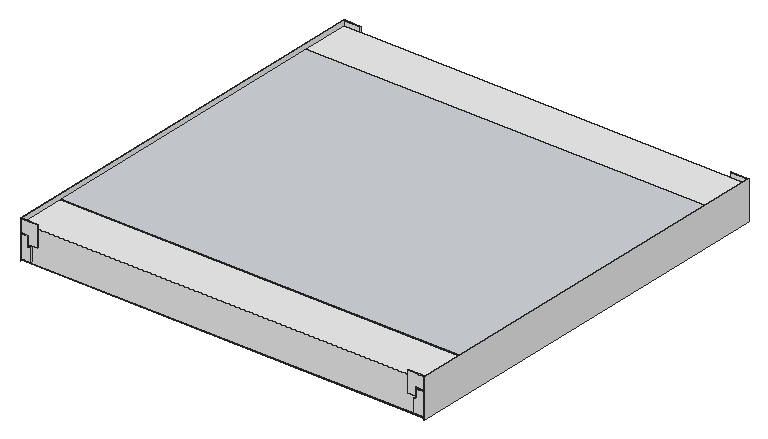
Revit family "AZURE 3D", category Lighting Fixtures, host Ceiling, Revit 2023
Family settings
  Host = Ceiling
  Round Connector Dimension = Use Diameter
  Part Type = Normal
  OmniClass Number = 23.80.70.11.14.17
  OmniClass Title = Direct/Indirect
  Always vertical = Yes
  Cut with Voids When Loaded = No
  Light Source = Yes
  Maintain Annotation Orientation = No
  Shared = No
  Room Calculation Point = No
Parameters (values of type "AZR 3D 2X2-LED840K050LUNV-xxx")
  Width = 1' - 11 3/4"
  Wattage = 36.8213 W
  built-in parameter 1150110 = 1 (stored number, unit not read)
  Voltage = 120 V  # constant formula
  URL = "https://viscor.com/products/azr 3d"
  built-in parameter 1114217 = 0.9 (stored number, unit not read)
  Tilt Angle = 90.00°
  built-in parameter 1150109 = 1 (stored number, unit not read)
  built-in parameter 1150134 = 12
  built-in parameter 1150113 = 1 (stored number, unit not read)
  Photometric Web File = "AZR 3D 2x2-LED-840K050LUNV.IES"
  Model = "AZURE 3D"  # constant formula
  Manufacturer = "VISIONEERING by VISCOR"  # constant formula
  Lumens = 1524.4 lm
  built-in parameter 1150115 = 1 (stored number, unit not read)
  built-in parameter 1150105 = 121.31 (stored number, unit not read)
  built-in parameter 1150137 = (empty or 0)
  built-in parameter 1150139 = (empty or 0)
  Lens Finish = Polycarbonate - Viscor - Frosted Round
  Length = 1' - 11 3/4"
  Lamp Wattage = 36.77 VA
  built-in parameter 1150112 = 1 (stored number, unit not read)
  built-in parameter 1150114 = 1 (stored number, unit not read)
  Lamp = "LED"  # constant formula
  built-in parameter 1150132 = (empty or 0)
  built-in parameter 1150102 = (empty or 0)
  built-in parameter 1150138 = (empty or 0)
  built-in parameter 1150107 = 4000 (stored number, unit not read)
  built-in parameter 1150106 = 1.2131 (stored number, unit not read)
  Housing Finish = Metal - Viscor - White
  Height = 0' - 2"
  Emit from Rectangle Width = Width  # 1' - 11 3/4"
  Emit from Rectangle Length = Length  # 1' - 11 3/4"
  Emit Shape Visible in Rendering = no
  built-in parameter 1150104 = 3.8462 (stored number, unit not read)
  Dimming Lamp Color Temperature Shift = <None>
  Description = "LED Configurable Lay-in Backlit Panel Luminaire"  # constant formula
  Default Elevation = 0' - 0"
  Color Filter = 16777215
  built-in parameter 1114218 = 1 (stored number, unit not read)
  built-in parameter 1150133 = 10 (stored number, unit not read)
  Assembly Code = "D5020200"
  Apparent Load = Lamp Wattage  # 36.77 VA
Reference planes (in)
  plane 1 "Light Source Axis (F/B)": y = 0
  plane 2 "Ceiling": z = 96
  plane 3 "Light Source Axis (L/R)": x = 0
  plane 4 "Light Source Elevation": z = 96
  plane 5: y = 11.875
  plane 6: y = -11.875
  plane 7: x = -11.875
  plane 8: x = 11.875
  plane 9: x = -11.84375
  plane 10: x = 11.84375
  plane 11: x = -11.49875
  plane 12: x = 11.53
  plane 13: y = 11.53
  plane 14: y = -11.53
Forms (in)
  Extrusion 1, void
    sketch origin (0, 0, 94) x (0, 1, 0) y (-1, 0, 0)
      loop
        line (-11.53, 11.49875) -> (-11.53, -11.53) -> (11.53, -11.53) -> (11.53, 11.49875) -> (-11.53, 11.49875)
    from 1.85089 to 2.069
  Extrusion 2, solid, material "Metal - Viscor - White" <- "Housing Finish"
    sketch origin (0, 0, 0) x (0, 1, 0) y (0, 0, 1)
      loop
        line (11.811, 96.069) -> (11.811, 98.01) -> (-11.811, 98.01) -> (-11.811, 96.06846)
        arc (-11.811, 96.06846) -> (-11.79048, 96.02031) -> (-11.74223, 96) r 0.06972
        line (-11.74223, 96) -> (11.742, 96)
        arc (11.742, 96) -> (11.79079, 96.02021) -> (11.811, 96.069) r 0.069
    from -11.84375 to 11.84375
  Extrusion 3, solid, material "Metal - Viscor - White" <- "Housing Finish"
    sketch origin (0, 0, 0) x (1, 0, 0) y (0, 0, 1)
      loop
        line (-11.875, 98.25) -> (-11.875, 96) -> (-11.84375, 96) -> (-11.84375, 98.25) -> (-11.875, 98.25)
    from -11.875 to 11.875
  Extrusion 4, solid, material "Metal - Viscor - White" <- "Housing Finish"
    sketch origin (0, 0, 0) x (-1, 0, 0) y (0, 0, -1)
      loop
        line (-11.875, -98.25) -> (-11.84375, -98.25) -> (-11.84375, -96) -> (-11.875, -96) -> (-11.875, -98.25)
    from -11.875 to 11.875
  Extrusion 5, solid, material "Metal - Viscor - White" <- "Housing Finish"
    sketch origin (0, 0, 0) x (1, 0, 0) y (0, 0, 1)
      loop
        line (-10.875, 97.04) -> (-10.875, 98.25) -> (-11.84375, 98.25) -> (-11.84375, 96.12818) -> (-11.25, 96.12818) -> (-11.25, 96.915) -> (-11.412, 96.915) -> (-11.412, 97.468) -> (-11.83438, 97.468) -> (-11.83438, 97.53) -> (-11.35, 97.53) -> (-11.35, 97.04) -> (-10.875, 97.04)
    from 11.811 to 11.875
  Extrusion 6, solid, material "Metal - Viscor - White" <- "Housing Finish"
    sketch origin (0, 0, 0) x (1, 0, 0) y (0, 0, -1)
      loop
        line (-10.875, -97.04) -> (-11.35, -97.04) -> (-11.35, -97.53) -> (-11.83438, -97.53) -> (-11.83438, -97.468) -> (-11.412, -97.468) -> (-11.412, -96.915) -> (-11.25, -96.915) -> (-11.25, -96.12818) -> (-11.84375, -96.12818) -> (-11.84375, -98.25) -> (-10.875, -98.25) -> (-10.875, -97.04)
    from 11.811 to 11.875
  Extrusion 7, solid, material "Metal - Viscor - White" <- "Housing Finish"
    sketch origin (0, 0, 0) x (-1, 0, 0) y (0, 0, -1)
      loop
        line (-10.875, -97.04) -> (-11.35, -97.04) -> (-11.35, -97.53) -> (-11.83438, -97.53) -> (-11.83438, -97.468) -> (-11.412, -97.468) -> (-11.412, -96.915) -> (-11.25, -96.915) -> (-11.25, -96.12818) -> (-11.84375, -96.12818) -> (-11.84375, -98.25) -> (-10.875, -98.25) -> (-10.875, -97.04)
    from 11.811 to 11.875
  Extrusion 8, solid, material "Metal - Viscor - White" <- "Housing Finish"
    sketch origin (0, 0, 0) x (-1, 0, 0) y (0, 0, 1)
      loop
        line (-10.875, 97.04) -> (-10.875, 98.25) -> (-11.84375, 98.25) -> (-11.84375, 96.12818) -> (-11.25, 96.12818) -> (-11.25, 96.915) -> (-11.412, 96.915) -> (-11.412, 97.468) -> (-11.83438, 97.468) -> (-11.83438, 97.53) -> (-11.35, 97.53) -> (-11.35, 97.04) -> (-10.875, 97.04)
    from 11.811 to 11.875
  Extrusion 9, solid, material "Polycarbonate - Viscor - Frosted Round" <- "Lens Finish"
    sketch origin (0, 0, 0) x (0, 1, 0) y (0, 0, 1)
      loop
        line (11.75, 96.069) -> (11.75, 96.187) -> (-11.75, 96.187) -> (-11.75, 96.069) -> (11.75, 96.069)
    from -11.84375 to 11.84375
  Extrusion 10, solid
    sketch origin (0, 0, 0) x (0, 1, 0) y (0, 0, 1)
      loop
        line (11.51258, 96.187) -> (11.6875, 96.187) -> (11.6875, 96.21825) -> (11.50266, 96.21825) -> (9.00266, 98.01825) -> (-9.00266, 98.01825) -> (-11.50266, 96.21825) -> (-11.6875, 96.21825) -> (-11.6875, 96.187) -> (-11.51258, 96.187)
        arc (-11.51258, 96.187) -> (-11.49355, 96.18999) -> (-11.47635, 96.19868) r 0.062
        line (-11.47635, 96.19868) -> (-8.99258, 97.987) -> (8.99258, 97.987) -> (11.47635, 96.19868)
        arc (11.47635, 96.19868) -> (11.49355, 96.18999) -> (11.51258, 96.187) r 0.062
    from -11.84375 to 11.84375
Dimensions and locks (in)
  equal spacing: host sketch curve, plane 3 "Light Source Axis (L/R)", host sketch curve
  equal spacing: host sketch curve, plane 1 "Light Source Axis (F/B)", host sketch curve
  host sketch curve to host sketch curve = 10' - 0"  (x2)
  equal spacing: plane 7, plane 3 "Light Source Axis (L/R)", plane 8
  equal spacing: plane 5, plane 1 "Light Source Axis (F/B)", plane 6
  locked: plane 10 to plane 8 at 0.03125
  "Length": plane 7 to plane 8
  "Width": plane 5 to plane 6
  plane 7 to plane 9 = 0' - 0 1/32"
  plane 6 to plane 1 "Light Source Axis (F/B)" = 0' - 11 7/8"
  locked: plane 12 to plane 8 at 0.345
  locked: plane 5 to plane 13 at 0.345
  locked: plane 6 to plane 14 at 0.345
  plane 9 to plane 11 to Extrusion 1 = 0' - 0.345" locked, 1' - 11.02875"
  aligned and locked: plane 3 "Light Source Axis (L/R)" to imposter light
  aligned and locked: plane 1 "Light Source Axis (F/B)" to imposter light
  aligned and locked: plane 4 "Light Source Elevation" to imposter light
  aligned and locked: Extrusion 2 to plane 9
  aligned and locked: plane 10 to Extrusion 2
  aligned and locked: plane 5 to Extrusion 3
  aligned and locked: Extrusion 5 to plane 6
  aligned and locked: Extrusion 5 to Extrusion 2
  aligned and locked: plane 5 to Extrusion 6
  aligned and locked: Extrusion 6 to Extrusion 2
  aligned and locked: Extrusion 4 to plane 6
  aligned and locked: plane 5 to Extrusion 4
  aligned and locked: Extrusion 7 to plane 6
  aligned and locked: Extrusion 7 to Extrusion 2
  aligned and locked: plane 5 to Extrusion 8
  aligned and locked: Extrusion 8 to Extrusion 2
  aligned and locked: Extrusion 9 to plane 9
  aligned and locked: plane 10 to Extrusion 9
  aligned and locked: Extrusion 10 to plane 9
  aligned and locked: plane 10 to Extrusion 10
Automatic sketch dimensions
  Extrusion 1 sketch curve to plane 12 = 0' - 0"
  Extrusion 1 sketch curve to plane 14 = 0' - 0"
  Extrusion 1 sketch curve to plane 11 = 0' - 0"
  Extrusion 1 sketch curve to plane 13 = 0' - 0"
  Extrusion 2 sketch curve to plane 2 "Ceiling" = 0' - 0"
  plane 6 to Extrusion 2 sketch curve = 0' - 0.064"
  Extrusion 2 sketch curve to Extrusion 2 sketch curve = 0' - 0.06876"
  Extrusion 2 sketch curve to Extrusion 2 sketch curve = 0' - 0.00094"
  plane 2 "Ceiling" to Extrusion 2 sketch curve = 0' - 0.069"
  Extrusion 2 sketch curve to plane 5 = 0' - 0.133"
  plane 2 "Ceiling" to Extrusion 2 sketch curve = 0' - 0.06846"
  Extrusion 2 sketch curve to Extrusion 2 sketch curve = 0' - 1.941"
  Extrusion 3 sketch curve to plane 2 "Ceiling" = 0' - 0"
  Extrusion 3 sketch curve to plane 7 = 0' - 0"
  Extrusion 3 sketch curve to plane 9 = 0' - 0"
  plane 2 "Ceiling" to Extrusion 3 sketch curve = 0' - 2 1/4"
  Extrusion 4 sketch curve to plane 2 "Ceiling" = 0' - 0"
  Extrusion 4 sketch curve to plane 8 = 0' - 0"
  Extrusion 4 sketch curve to plane 10 = 0' - 0"
  plane 2 "Ceiling" to Extrusion 4 sketch curve = 0' - 2 1/4"
  Extrusion 5 sketch curve to plane 9 = 0' - 0"
  plane 9 to Extrusion 5 sketch curve = 0' - 0.00937"
  plane 11 to Extrusion 5 sketch curve = 0' - 0.08675"
  Extrusion 5 sketch curve to Extrusion 5 sketch curve = 0' - 0.062"  (x2)
  Extrusion 5 sketch curve to Extrusion 5 sketch curve = 0' - 0.1"
  Extrusion 5 sketch curve to Extrusion 5 sketch curve = 0' - 0 3/8"
  plane 2 "Ceiling" to Extrusion 5 sketch curve = 0' - 0.12818"
  Extrusion 5 sketch curve to Extrusion 5 sketch curve = 0' - 0.78682"
  Extrusion 5 sketch curve to Extrusion 5 sketch curve = 0' - 0 1/8"
  Extrusion 5 sketch curve to Extrusion 5 sketch curve = 0' - 0.428"
  Extrusion 5 sketch curve to Extrusion 5 sketch curve = 0' - 0.72"
  Extrusion 6 sketch curve to plane 9 = 0' - 0"
  plane 9 to Extrusion 6 sketch curve = 0' - 0.00937"
  plane 11 to Extrusion 6 sketch curve = 0' - 0.08675"
  Extrusion 6 sketch curve to Extrusion 6 sketch curve = 0' - 0.062"  (x2)
  Extrusion 6 sketch curve to Extrusion 6 sketch curve = 0' - 0.1"
  Extrusion 6 sketch curve to Extrusion 6 sketch curve = 0' - 0 3/8"
  plane 2 "Ceiling" to Extrusion 6 sketch curve = 0' - 2 1/4"
  Extrusion 6 sketch curve to Extrusion 6 sketch curve = 0' - 0.72"
  Extrusion 6 sketch curve to Extrusion 6 sketch curve = 0' - 0.49"
  Extrusion 6 sketch curve to Extrusion 6 sketch curve = 0' - 0 1/8"
  plane 2 "Ceiling" to Extrusion 6 sketch curve = 0' - 0.12818"
  Extrusion 7 sketch curve to plane 10 = 0' - 0"
  Extrusion 7 sketch curve to plane 10 = 0' - 0.00937"
  Extrusion 7 sketch curve to plane 12 = 0' - 0.118"
  Extrusion 7 sketch curve to Extrusion 7 sketch curve = 0' - 0.062"  (x2)
  Extrusion 7 sketch curve to Extrusion 7 sketch curve = 0' - 0.1"
  Extrusion 7 sketch curve to Extrusion 7 sketch curve = 0' - 0 3/8"
  plane 2 "Ceiling" to Extrusion 7 sketch curve = 0' - 2 1/4"
  Extrusion 7 sketch curve to Extrusion 7 sketch curve = 0' - 0.72"
  Extrusion 7 sketch curve to Extrusion 7 sketch curve = 0' - 0.49"
  Extrusion 7 sketch curve to Extrusion 7 sketch curve = 0' - 0 1/8"
  plane 2 "Ceiling" to Extrusion 7 sketch curve = 0' - 0.12818"
  Extrusion 8 sketch curve to plane 10 = 0' - 0"
  Extrusion 8 sketch curve to plane 10 = 0' - 0.00937"
  Extrusion 8 sketch curve to plane 12 = 0' - 0.118"
  Extrusion 8 sketch curve to Extrusion 8 sketch curve = 0' - 0.062"  (x2)
  Extrusion 8 sketch curve to Extrusion 8 sketch curve = 0' - 0.1"
  Extrusion 8 sketch curve to Extrusion 8 sketch curve = 0' - 0 3/8"
  plane 2 "Ceiling" to Extrusion 8 sketch curve = 0' - 0.12818"
  Extrusion 8 sketch curve to Extrusion 8 sketch curve = 0' - 0.78682"
  Extrusion 8 sketch curve to Extrusion 8 sketch curve = 0' - 0 1/8"
  Extrusion 8 sketch curve to Extrusion 8 sketch curve = 0' - 0.428"
  Extrusion 8 sketch curve to Extrusion 8 sketch curve = 0' - 0.72"
  plane 6 to Extrusion 9 sketch curve = 0' - 0 1/8"
  Extrusion 9 sketch curve to plane 5 = 0' - 0 1/8"
  plane 2 "Ceiling" to Extrusion 9 sketch curve = 0' - 0.069"
  Extrusion 9 sketch curve to Extrusion 9 sketch curve = 0' - 0.118"
  Extrusion 10 sketch curve to plane 14 = 0' - 0.1575"
  plane 14 to Extrusion 10 sketch curve = 0' - 0.01742"
  plane 14 to Extrusion 10 sketch curve = 0' - 0 7/256"
  Extrusion 10 sketch curve to Extrusion 10 sketch curve = 0' - 0.02631"  (x2)
  plane 14 to Extrusion 10 sketch curve = 0' - 2 135/256"
  Extrusion 10 sketch curve to Extrusion 10 sketch curve = 0' - 0.01008"  (x2)
  Extrusion 10 sketch curve to plane 13 = 0' - 2.53742"
  Extrusion 10 sketch curve to plane 13 = 0' - 0 7/256"
  Extrusion 10 sketch curve to plane 13 = 0' - 0.01742"
  plane 2 "Ceiling" to Extrusion 10 sketch curve = 0' - 0.187"  (x2)
  Extrusion 10 sketch curve to Extrusion 10 sketch curve = 0' - 0.01168"  (x2)
  Extrusion 10 sketch curve to Extrusion 10 sketch curve = 0' - 0 1/32"  (x2)
  Extrusion 10 sketch curve to Extrusion 10 sketch curve = 0' - 0.03075"
  plane 2 "Ceiling" to Extrusion 10 sketch curve = 0' - 1.987"
  plane 13 to Extrusion 10 sketch curve = 0' - 0.1575"
Connectors (in)
  electrical at (0, 0, 96), driven by "Voltage", driven by "Lamp Wattage"
    settings: index 2, voltage 120 V, apparent load 0 VA, apparent load phase1 36.77 VA, apparent load phase2 0 VA, apparent load phase3 0 VA, power factor 1, load classification "Other", number of poles 1, system type 31, power factor state 1, is connector primary yes, connector utility no, sub classification motor no, connector description ""
